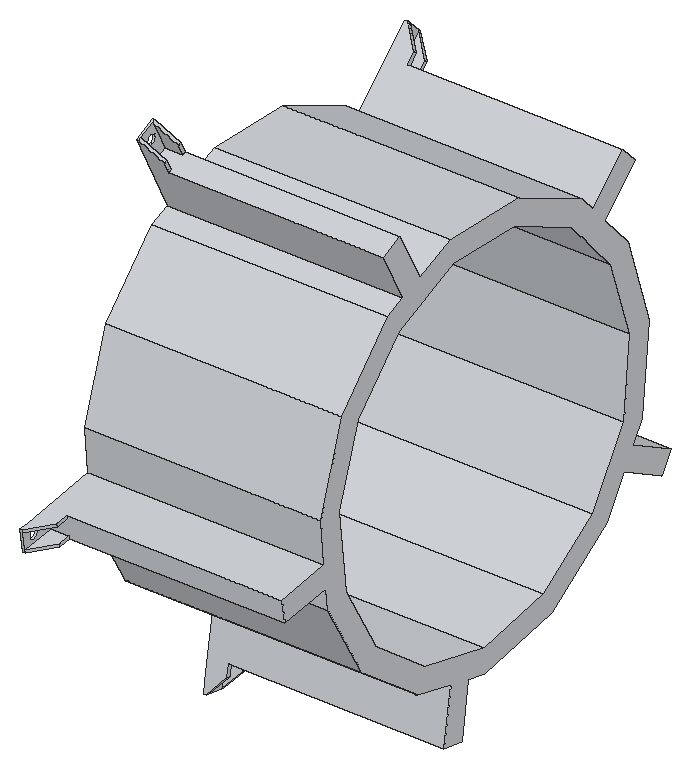
Revit family "HP250R-B", category Pipe Accessories, Revit 2021
Family settings
  Round Connector Dimension = Use Diameter
  Part Type = Breaks Into
  Work Plane-Based = No
  Always vertical = No
  Cut with Voids When Loaded = No
  Shared = No
Parameters
  URL = "https://www.snapcollars.com.au/"
  Model = "HP250R-B"
  Manufacturer = "Snap Fire Systems"
  Description = "The HP250R-B is a metal, retro-fit fire collar for concrete floor slabs, fire rated plasterboard, concrete and masonry walls."
  Default Elevation = 0 mm
Reference planes
  plane 1 "Center (Front/Back)": y = 0
  plane 2: z = 0
  plane 3 "Center (Left/Right)": x = -139.129
  plane 4: x = -230
  plane 5: x = -208.636
  plane 6: x = -210
Forms (mm)
  Extrusion 1, solid, material "PVC-White", not visible, detail levels fine
    sketch origin (0, 0, 0) x (1, 0, 0) y (0, 0, 1)
      loop
        line (-80, 60.418) -> (-227.967, 86.048) -> (-227.967, 69.12) -> (-80, 60.418)
    from -1.5 to 1.5
  Extrusion 2, solid, material "PVC-White", not visible, detail levels fine
    sketch origin (0, 0, 0) x (1, 0, 0) y (0, -0.5, 0.866025)
      loop
        line (-80, 60.418) -> (-227.967, 86.048) -> (-227.967, 69.12) -> (-80, 60.418)
    from -1.5 to 1.5
  Extrusion 3, solid, material "PVC-White", not visible, detail levels fine
    sketch origin (0, 0, 0) x (1, 0, 0) y (0, -0.866025, 0.5)
      loop
        line (-80, 60.418) -> (-227.967, 86.048) -> (-227.967, 69.12) -> (-80, 60.418)
    from -1.5 to 1.5
  Extrusion 4, solid, material "PVC-White", not visible, detail levels fine
    sketch origin (0, 0, 0) x (0, -1, 0) y (-1, 0, 0)
      loop
        line (60.418, 80) -> (86.048, 227.967) -> (69.12, 227.967) -> (60.418, 80)
    from -1.5 to 1.5
  Extrusion 5, solid, material "PVC-White", not visible, detail levels fine
    sketch origin (0, 0, 0) x (1, 0, 0) y (0, -0.866025, -0.5)
      loop
        line (-80, 60.418) -> (-227.967, 86.048) -> (-227.967, 69.12) -> (-80, 60.418)
    from -1.5 to 1.5
  Extrusion 6, solid, material "PVC-White", not visible, detail levels fine
    sketch origin (0, 0, 0) x (1, 0, 0) y (0, -0.5, -0.866025)
      loop
        line (-80, 60.418) -> (-227.967, 86.048) -> (-227.967, 69.12) -> (-80, 60.418)
    from -1.5 to 1.5
  Extrusion 7, solid, material "PVC-White", not visible, detail levels fine
    sketch origin (0, 0, 0) x (1, 0, 0) y (0, 0, -1)
      loop
        line (-80, 60.418) -> (-227.967, 86.048) -> (-227.967, 69.12) -> (-80, 60.418)
    from -1.5 to 1.5
  Extrusion 8, solid, material "PVC-White", not visible, detail levels fine
    sketch origin (0, 0, 0) x (1, 0, 0) y (0, 0.5, -0.866025)
      loop
        line (-80, 60.418) -> (-227.967, 86.048) -> (-227.967, 69.12) -> (-80, 60.418)
    from -1.5 to 1.5
  Extrusion 9, solid, material "PVC-White", not visible, detail levels fine
    sketch origin (0, 0, 0) x (1, 0, 0) y (0, 0.866025, -0.5)
      loop
        line (-80, 60.418) -> (-227.967, 86.048) -> (-227.967, 69.12) -> (-80, 60.418)
    from -1.5 to 1.5
  Extrusion 10, solid, material "PVC-White", not visible, detail levels fine
    sketch origin (0, 0, 0) x (1, 0, 0) y (0, 1, 0)
      loop
        line (-80, 60.418) -> (-227.967, 86.048) -> (-227.967, 69.12) -> (-80, 60.418)
    from -1.5 to 1.5
  Extrusion 11, solid, material "PVC-White", not visible, detail levels fine
    sketch origin (0, 0, 0) x (1, 0, 0) y (0, 0.866025, 0.5)
      loop
        line (-80, 60.418) -> (-227.967, 86.048) -> (-227.967, 69.12) -> (-80, 60.418)
    from -1.5 to 1.5
  Extrusion 12, solid, material "PVC-White", not visible, detail levels fine
    sketch origin (0, 0, 0) x (1, 0, 0) y (0, 0.5, 0.866025)
      loop
        line (-80, 60.418) -> (-227.967, 86.048) -> (-227.967, 69.12) -> (-80, 60.418)
    from -1.5 to 1.5
  Extrusion 13, solid
    sketch origin (-230, 2000, 1200) x (0, 1, 0) y (0, 0, 1)
      loop
        line (-2029.637, -1060.571) -> (-2083.785, -1084.679) -> (-2123.447, -1128.728) -> (-2141.763, -1185.1) -> (-2135.568, -1244.049) -> (-2105.931, -1295.381) -> (-2057.978, -1330.221) -> (-2000, -1342.544) -> (-1942.022, -1330.221) -> (-1894.069, -1295.381) -> (-1864.432, -1244.049) -> (-1858.237, -1185.1) -> (-1876.553, -1128.728) -> (-1916.215, -1084.679) -> (-1970.363, -1060.571) -> (-2029.637, -1060.571)
      loop
        line (-2033.43, -1042.725) -> (-2094.509, -1069.919) -> (-2139.247, -1119.606) -> (-2159.908, -1183.193) -> (-2152.919, -1249.687) -> (-2119.49, -1307.589) -> (-2065.399, -1346.888) -> (-2000, -1360.789) -> (-1934.601, -1346.888) -> (-1880.51, -1307.589) -> (-1847.081, -1249.687) -> (-1840.092, -1183.193) -> (-1860.753, -1119.606) -> (-1905.491, -1069.919) -> (-1966.57, -1042.725) -> (-2033.43, -1042.725)
    from 0 to 184
  Extrusion 14, solid, not visible
    sketch origin (-230, 23.225, 34.758) x (0, -0.92388, 0.382683) y (1, 0, 0)
      loop
        line (16.311, 91) -> (0, 91) -> (0, 65) -> (16.311, 65) -> (16.311, 91)
    from 0 to 3
  Extrusion 15, solid, not visible
    sketch origin (-230, 24.373, 37.53) x (0, -0.92388, 0.382683) y (1, 0, 0)
      loop
        line (16.311, 91) -> (0, 91) -> (0, 88) -> (16.311, 88) -> (16.311, 91)
    from 0 to 21
  Extrusion 16, solid, not visible
    sketch origin (-230, 29.556, 29.418) x (0, -0.828512, 0.559971) y (1, 0, 0)
      loop
        line (16.311, 91) -> (0, 91) -> (0, 65) -> (16.311, 65) -> (16.311, 91)
    from 0 to 3
  Extrusion 17, solid, not visible
    sketch origin (-230, 31.236, 31.904) x (0, -0.828512, 0.559971) y (1, 0, 0)
      loop
        line (16.311, 91) -> (0, 91) -> (0, 88) -> (16.311, 88) -> (16.311, 91)
    from 0 to 21
  Extrusion 18, solid, not visible
    sketch origin (-230, -15.852, 38.571) x (0, -0.83464, -0.550797) y (1, 0, 0)
      loop
        line (16.311, 91) -> (0, 91) -> (0, 65) -> (16.311, 65) -> (16.311, 91)
    from 0 to 3
  Extrusion 19, solid, not visible
    sketch origin (-230, -17.504, 41.075) x (0, -0.83464, -0.550797) y (1, 0, 0)
      loop
        line (16.311, 91) -> (0, 91) -> (0, 88) -> (16.311, 88) -> (16.311, 91)
    from 0 to 21
  Extrusion 20, solid, not visible
    sketch origin (-230, 29.261, -29.712) x (0, 0.564361, 0.825528) y (1, 0, 0)
      loop
        line (16.311, 91) -> (0, 91) -> (0, 65) -> (16.311, 65) -> (16.311, 91)
    from 0 to 3
  Extrusion 21, solid, not visible
    sketch origin (-230, 31.738, -31.405) x (0, 0.564361, 0.825528) y (1, 0, 0)
      loop
        line (16.311, 91) -> (0, 91) -> (0, 88) -> (16.311, 88) -> (16.311, 91)
    from 0 to 21
  Extrusion 22, solid, not visible
    sketch origin (-230, -38.657, -15.64) x (0, 0.54621, -0.837649) y (1, 0, 0)
      loop
        line (16.311, 91) -> (0, 91) -> (0, 65) -> (16.311, 65) -> (16.311, 91)
    from 0 to 3
  Extrusion 23, solid, not visible
    sketch origin (-230, -41.17, -17.279) x (0, 0.54621, -0.837649) y (1, 0, 0)
      loop
        line (16.311, 91) -> (0, 91) -> (0, 88) -> (16.311, 88) -> (16.311, 91)
    from 0 to 21
  Extrusion 24, solid
    sketch origin (0, 97.757, 97.542) x (1, 0, 0) y (0, 0.707107, 0.707107)
      loop
        line (-213.793, 17.886) -> (-213.793, 70.117) -> (-228.024, 86.118) -> (-230, 86.118) -> (-230, 78) -> (-230, 17.886) -> (-213.793, 17.886)
    from -8.715 to 8.715
  Extrusion 25, void
    sketch origin (-228.024, 162.084, 161.87) x (0, -0.707107, -0.707107) y (0, 0.707107, -0.707107)
      loop
        circle (14, 0) r 4
    from -10.829 to 2.558
  Extrusion 26, solid, not visible
    sketch origin (0, 0, 41.882) x (1, 0, 0) y (0, 0, 1)
      loop
        line (-201.343, 54.118) -> (-201.343, 56.118) -> (-228.024, 56.118) -> (-228.024, 86.118) -> (-230, 86.118) -> (-230, 78) -> (-230, 54.118) -> (-201.343, 54.118)
    from -8 to 8
  Extrusion 27, void, not visible
    sketch origin (-228.024, 0, 132.882) x (0, 0, -1) y (0, 1, 0)
      loop
        circle (14, 0) r 4
    from -10.829 to 2.558
  Extrusion 28, solid
    sketch origin (0, 91.306, 91.091) x (1, 0, 0) y (0, 0.707107, 0.707107)
      loop
        line (-46, 22.456) -> (-46, 70) -> (-230, 70) -> (-230, 22.456) -> (-46, 22.456)
    from -8.715 to 8.715
  Extrusion 29, solid, not visible
    sketch origin (0, 46.803, 60.995) x (1, 0, 0) y (0, 0.608761, 0.793353)
      loop
        line (-201.343, 54.118) -> (-201.343, 56.118) -> (-228.024, 56.118) -> (-228.024, 86.118) -> (-230, 86.118) -> (-230, 78) -> (-230, 54.118) -> (-201.343, 54.118)
    from -8 to 8
  Extrusion 30, solid, not visible
    sketch origin (0, 37.134, 48.395) x (1, 0, 0) y (0, 0.608761, 0.793353)
      loop
        line (-168, 41) -> (-168, 70) -> (-230, 70) -> (-230, 41) -> (-168, 41)
    from -8.715 to 8.715
  Extrusion 31, solid, not visible
    sketch origin (0, 97.757, 97.542) x (1, 0, 0) y (0, 0.707107, 0.707107)
      loop
        line (-213.793, 17.886) -> (-213.793, 70.117) -> (-228.024, 86.118) -> (-230, 86.118) -> (-230, 78) -> (-230, 17.886) -> (-213.793, 17.886)
    from -8.715 to 8.715
  Extrusion 32, void, not visible
    sketch origin (-228.024, 162.084, 161.87) x (0, -0.707107, -0.707107) y (0, 0.707107, -0.707107)
      loop
        circle (14, 0) r 4
    from -10.829 to 2.558
  Extrusion 33, solid, not visible
    sketch origin (0, 91.306, 91.091) x (1, 0, 0) y (0, 0.707107, 0.707107)
      loop
        line (-46, 22.456) -> (-46, 70) -> (-230, 70) -> (-230, 22.456) -> (-46, 22.456)
    from -8.715 to 8.715
  Extrusion 34, solid
    sketch origin (0, -62.559, 123.114) x (1, 0, 0) y (0, -0.45399, 0.891007)
      loop
        line (-213.793, 17.886) -> (-213.793, 70.117) -> (-228.024, 86.118) -> (-230, 86.118) -> (-230, 78) -> (-230, 17.886) -> (-213.793, 17.886)
    from -8.715 to 8.715
  Extrusion 35, void
    sketch origin (-228.024, -103.86, 204.172) x (0, 0.45399, -0.891007) y (0, 0.891007, 0.45399)
      loop
        circle (14, 0) r 4
    from -10.829 to 2.558
  Extrusion 36, solid
    sketch origin (0, -58.418, 114.986) x (1, 0, 0) y (0, -0.45399, 0.891007)
      loop
        line (-46, 22.456) -> (-46, 70) -> (-230, 70) -> (-230, 22.456) -> (-46, 22.456)
    from -8.715 to 8.715
  Extrusion 37, solid
    sketch origin (0, -136.42, -21.453) x (1, 0, 0) y (0, -0.987688, -0.156434)
      loop
        line (-213.793, 17.886) -> (-213.793, 70.117) -> (-228.024, 86.118) -> (-230, 86.118) -> (-230, 78) -> (-230, 17.886) -> (-213.793, 17.886)
    from -8.715 to 8.715
  Extrusion 38, void
    sketch origin (-228.024, -226.273, -35.684) x (0, 0.987688, 0.156434) y (0, -0.156434, 0.987688)
      loop
        circle (14, 0) r 4
    from -10.829 to 2.558
  Extrusion 39, solid
    sketch origin (0, -127.41, -20.026) x (1, 0, 0) y (0, -0.987688, -0.156434)
      loop
        line (-46, 22.456) -> (-46, 70) -> (-230, 70) -> (-230, 22.456) -> (-46, 22.456)
    from -8.715 to 8.715
  Extrusion 40, solid
    sketch origin (0, -21.753, -136.373) x (1, 0, 0) y (0, -0.156434, -0.987688)
      loop
        line (-213.793, 17.886) -> (-213.793, 70.117) -> (-228.024, 86.118) -> (-230, 86.118) -> (-230, 78) -> (-230, 17.886) -> (-213.793, 17.886)
    from -8.715 to 8.715
  Extrusion 41, void
    sketch origin (-228.024, -35.984, -226.226) x (0, 0.156434, 0.987688) y (0, -0.987688, 0.156434)
      loop
        circle (14, 0) r 4
    from -10.829 to 2.558
  Extrusion 42, solid
    sketch origin (0, -20.326, -127.363) x (1, 0, 0) y (0, -0.156434, -0.987688)
      loop
        line (-46, 22.456) -> (-46, 70) -> (-230, 70) -> (-230, 22.456) -> (-46, 22.456)
    from -8.715 to 8.715
  Extrusion 43, solid
    sketch origin (0, 122.976, -62.83) x (1, 0, 0) y (0, 0.891007, -0.45399)
      loop
        line (-213.793, 17.886) -> (-213.793, 70.117) -> (-228.024, 86.118) -> (-230, 86.118) -> (-230, 78) -> (-230, 17.886) -> (-213.793, 17.886)
    from -8.715 to 8.715
  Extrusion 44, void
    sketch origin (-228.024, 204.034, -104.131) x (0, -0.891007, 0.45399) y (0, -0.45399, -0.891007)
      loop
        circle (14, 0) r 4
    from -10.829 to 2.558
  Extrusion 45, solid
    sketch origin (0, 114.848, -58.688) x (1, 0, 0) y (0, 0.891007, -0.45399)
      loop
        line (-46, 22.456) -> (-46, 70) -> (-230, 70) -> (-230, 22.456) -> (-46, 22.456)
    from -8.715 to 8.715
  Extrusion 46, void
    sketch origin (-230, 140.803, 140.589) x (-1, 0, 0) y (0, 0.707107, -0.707107)
      loop
        line (-39.858, -6.312) -> (-1.967, -6.312) -> (-1.967, 6.48) -> (-39.858, 6.48) -> (-39.858, -6.312)
    from -51.258 to 0
  Extrusion 47, void, not visible
    sketch origin (-230, 140.803, 140.589) x (-1, 0, 0) y (0, 0.707107, -0.707107)
      loop
        line (-39.858, -6.312) -> (-1.967, -6.312) -> (-1.967, 6.48) -> (-39.858, 6.48) -> (-39.858, -6.312)
    from -51.258 to 0
  Extrusion 48, void
    sketch origin (-230, -90.197, 177.356) x (-1, 0, 0) y (0, 0.891007, 0.45399)
      loop
        line (-39.858, -6.312) -> (-1.967, -6.312) -> (-1.967, 6.48) -> (-39.858, 6.48) -> (-39.858, -6.312)
    from -51.258 to 0
  Extrusion 49, void
    sketch origin (-230, -196.548, -30.977) x (-1, 0, 0) y (0, -0.156434, 0.987688)
      loop
        line (-39.858, -6.312) -> (-1.967, -6.312) -> (-1.967, 6.48) -> (-39.858, 6.48) -> (-39.858, -6.312)
    from -51.258 to 0
  Extrusion 50, void
    sketch origin (-230, -31.276, -196.501) x (-1, 0, 0) y (0, -0.987688, 0.156434)
      loop
        line (-39.858, -6.312) -> (-1.967, -6.312) -> (-1.967, 6.48) -> (-39.858, 6.48) -> (-39.858, -6.312)
    from -51.258 to 0
  Extrusion 51, void
    sketch origin (-230, 177.219, -90.468) x (-1, 0, 0) y (0, -0.45399, -0.891007)
      loop
        line (-39.858, -6.312) -> (-1.967, -6.312) -> (-1.967, 6.48) -> (-39.858, 6.48) -> (-39.858, -6.312)
    from -51.258 to 0
Cuts and joins
  Extrusion 46 cuts Extrusion 13
  Extrusion 25, Extrusion 35, Extrusion 46 cuts Extrusion 24
  Extrusion 46 cuts Extrusion 28
  Extrusion 35, Extrusion 48 cuts Extrusion 34
  Extrusion 48 cuts Extrusion 36
  Extrusion 38, Extrusion 49 cuts Extrusion 37
  Extrusion 49 cuts Extrusion 39
  Extrusion 41, Extrusion 50 cuts Extrusion 40
  Extrusion 50 cuts Extrusion 42
  Extrusion 44, Extrusion 51 cuts Extrusion 43
  Extrusion 51 cuts Extrusion 45
  joined: Extrusion 13, Extrusion 24, Extrusion 28, Extrusion 34, Extrusion 36, Extrusion 37, Extrusion 39, Extrusion 40, Extrusion 42, Extrusion 43, Extrusion 45
Lines and regions (mm)
  model lines
    curve 1: circle (-230, 0, 0) r 226 normal (1, 0, 0)
    curve 2: circle (-230, 0, 0) r 215 normal (1, 0, 0)
Dimensions and locks
  locked: plane 4 to plane 3 "Center (Left/Right)" at 90.871
  Extrusion 1 sketch curve to Extrusion 1 sketch curve = 0 mm
  Extrusion 2 sketch curve to Extrusion 2 sketch curve = 0 mm
  Extrusion 3 sketch curve to Extrusion 3 sketch curve = 0 mm
  Extrusion 4 sketch curve to Extrusion 4 sketch curve = 0 mm
  Extrusion 5 sketch curve to Extrusion 5 sketch curve = 0 mm
  Extrusion 6 sketch curve to Extrusion 6 sketch curve = 0 mm
  Extrusion 7 sketch curve to Extrusion 7 sketch curve = 0 mm
  Extrusion 8 sketch curve to Extrusion 8 sketch curve = 0 mm
  Extrusion 9 sketch curve to Extrusion 9 sketch curve = 0 mm
  Extrusion 10 sketch curve to Extrusion 10 sketch curve = 0 mm
  Extrusion 11 sketch curve to Extrusion 11 sketch curve = 0 mm
  Extrusion 12 sketch curve to Extrusion 12 sketch curve = 0 mm
  aligned and locked: level to plane 2
Connectors
  piping at (-210, 0, 0), diameter 279
    settings: on plane 6, index 4, connector inside diameter 609.6 mm, connector length 0 mm, flow factor 0, pipe flow 0.0 L/s, pressure drop 0.0 Pa, fitting loss kfactor 0, connector angle 0.00°, fixture units 0, engagement length 0 mm, angle of deflection 0.00°, flow configuration 0, flow direction 0, fitting loss method 0, system type 7, joint type 0, gender type 0, connector reference index -1, connector utility 0, adjustable connector no, is connector primary yes, connector description ""
  piping at (-208.636, 0, 0), diameter 279
    settings: on plane 5, index 5, connector inside diameter 609.6 mm, connector length 0 mm, flow factor 0, pipe flow 0.0 L/s, pressure drop 0.0 Pa, fitting loss kfactor 0, connector angle 0.00°, fixture units 0, engagement length 0 mm, angle of deflection 0.00°, flow configuration 0, flow direction 0, fitting loss method 0, system type 7, joint type 0, gender type 0, connector reference index -1, connector utility 0, adjustable connector no, is connector primary no, connector description ""
